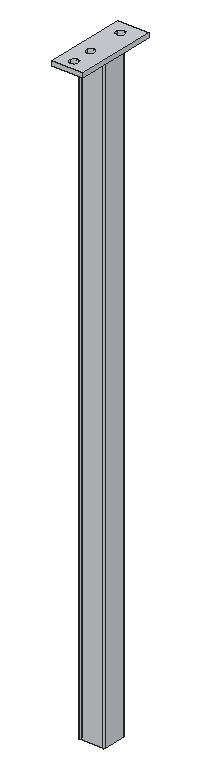
Revit family "MP527", category Generic Models, Revit 2017
Family settings
  Can host rebar = No
  Round Connector Dimension = Use Diameter
  Part Type = Normal
  Work Plane-Based = Yes
  Always vertical = No
  Cut with Voids When Loaded = No
  Shared = No
  Room Calculation Point = No
Parameters (values of type "NBS Standard Parameters")
  Weight = "3.275Kg"
  WarrantyStartDate [instance] = "1900-12-31T23:59:59"
  WarrantyGuarantorParts = "n/a"
  WarrantyGuarantorLabor = "n/a"
  WarrantyDurationUnit = "1 year"
  WarrantyDurationParts = "n/a"
  WarrantyDurationLabor = "n/a"
  WarrantyDescription = "n/a"
  Version = "1"
  Uniclass2 = "Pr_65_70_11_19"
  TagNumber [instance] = "n/a"
  SustainabilityPerformance = "n/a"
  Size = "900"
  Shape = "n/a"
  SerialNumber [instance] = "n/a"
  Revision = "n/a"
  ReplacementCost = "n/a"
  ProductInformation = "www.metpro.co.uk/pdf/mp527.pdf"
  NominalWidth = 49.5 mm
  NominalLength = 1000 mm
  NominalHeight = 130 mm
  Name = ""
  NBSTypeID = ""
  NBSReference = "90-55-10/305"
  NBSOfficeMasterTag = ""
  NBSNote = ""
  NBSDescription = "Channel Cable Supports"
  NBSCertification = ""
  ModelReference = "MP527"
  ModelNumber = "n/a"
  Material = "Steel"
  ManufacturerURL = "www.metpro.co.uk"
  ManufacturerName = "Metpro Ltd"
  Keynote = "Compliant to LU standard 1-085"
  InstallationDate [instance] = "1900-12-31T23:59:59"
  IfcExportType = ""
  IfcExportAs = ""
  Grade = "n/a"
  Finish = "Hot Dipped Galvanised"
  Features = "n/a"
  ExpectedLife = "n/a"
  DurationUnit = "year"
  Description = "MP527  - Channel Cantilver Arm - 2 Hle Base Plate"
  Default Elevation = 1219.2 mm
  Constituents = "n/a"
  Color = "n/a"
  CodePerformance = "n/a"
  Category = "n/a"
  BarCode [instance] = "n/a"
  BIMObjectName = "Metpro_Metprolibrary_Channelcablesupports_Cantileverarm_2holeplate"
  Author = "Metpro Ltd"
  AssetType = ""
  AssetIdentifier [instance] = "n/a"
  AccessibilityPerformance = "n/a"
Reference planes
  plane 1 "Center (Front/Back)": y = 0
  plane 2: z = 0
  plane 3 "Center (Left/Right)": x = 0
Forms (mm)
  Extrusion 1, solid
    sketch origin (27.148, 50.337, 0) x (1, 0, 0) y (0, 1, 0)
      loop
        line (-19.975, 37.037) -> (-15.975, 37.037) -> (-15.975, 31.537) -> (-13.475, 31.537) -> (-13.475, 38.244)
        arc (-13.475, 38.244) -> (-13.854, 39.158) -> (-14.769, 39.537) r 1.293
        line (-14.769, 39.537) -> (-20.452, 39.537)
        arc (-20.452, 39.537) -> (-21.883, 38.944) -> (-22.475, 37.514) r 2.023
        line (-22.475, 37.514) -> (-22.475, 0.077)
        arc (-22.475, 0.077) -> (-21.732, -1.719) -> (-19.936, -2.463) r 2.54
        line (-19.936, -2.463) -> (16.996, -2.463)
        arc (16.996, -2.463) -> (18.784, -1.722) -> (19.525, 0.066) r 2.529
        line (19.525, 0.066) -> (19.525, 37.555)
        arc (19.525, 37.555) -> (18.944, 38.957) -> (17.543, 39.537) r 1.982
        line (17.543, 39.537) -> (10.861, 39.537)
        arc (10.861, 39.537) -> (9.922, 39.148) -> (9.533, 38.209) r 1.328
        line (9.533, 38.209) -> (9.533, 31.537) -> (12.033, 31.537) -> (12.033, 37.037) -> (17.025, 37.037) -> (17.025, 2.321)
        arc (17.025, 2.321) -> (16.356, 0.706) -> (14.741, 0.037) r 2.284
        line (14.741, 0.037) -> (-17.616, 0.037)
        arc (-17.616, 0.037) -> (-19.284, 0.728) -> (-19.975, 2.396) r 2.359
        line (-19.975, 2.396) -> (-19.975, 37.037)
    from 0 to 1000
  Extrusion 2, solid
    sketch origin (27.148, 50.337, 1000) x (1, 0, 0) y (0, 1, 0)
      loop
        line (22.852, 83.718) -> (-27.148, 83.718) -> (-27.148, -50.337) -> (22.852, -50.337) -> (22.852, 83.718)
      loop
        circle (-3.574, -34.911) r 7
      loop
        circle (-3.167, -1.096) r 7
      loop
        circle (-3.167, 59.607) r 7
    from 0 to 8
Dimensions and locks
  aligned and locked: level to plane 2
